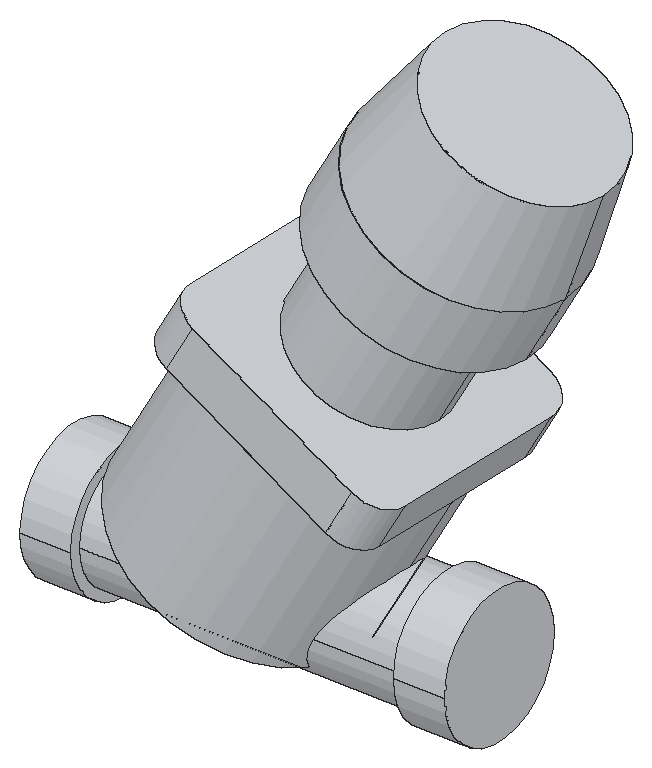
Revit family "OPTIMA_Compact_MM_DN10_2,5_RFA_2019", category Pipe Accessories, Revit 2019
Family settings
  Round Connector Dimension = Use Diameter
  Part Type = Valve - Breaks Into
  Work Plane-Based = No
  Always vertical = Yes
  Cut with Voids When Loaded = No
  Shared = No
Parameters (values of type "OPTIMA Compact DN10 M-M 2.5mm")
  magiProductId = "719160033de540c9acf49957212ec3"
  magiProductFamilyId = "78ecc78dd0e54fb5aa8a98aef7d402"
  magiPartTypeId = 304
  isMeasuringValve [instance] = no
  ang2D [instance] = 0.00°
  Z = 0 mm
  X = 7 mm
  W2D = 32 mm
  VersionID = "2.0/2018.8.28.1/FRESE_OPTIMA-COMPACT-MM_001"
  Use Minimum Symbol Size [instance] = yes
  URL = "www.hydronic.cz"
  Type Comments = "vnější závit; PN25; 0~120°C, bez měřicích vsuvek"
  R9 = 8 mm
  R8 = 14 mm
  R7 = 17 mm
  R6 = 12 mm
  R5 = 5 mm
  R4 = 19 mm
  R3 = 19 mm
  R2 = 9 mm
  R1 = 10.5 mm
  QmdConnectorList = "301;D;302;D"
  Productdata [instance] = ""
  PLG0 = no
  Manufacturer = "Hydronic Systems Prague s.r.o."
  MC Product Code = "53-1300  (1/2\" M-M; 2.5mm; Qmin-dpmin 30l/h-14.3kPa; Qmax-dpmin 200l/h-15.8kPa; dpmax 800kPa)"
  MC Piping Given Pressure Drop [instance] = 0.0 Pa
  LL = 32.5 mm
  L3 = 11 mm
  L2D_Min = 3048 mm
  L2D = 104 mm
  L2 = 49.4 mm
  L1__ve = -L1  # -7.8 mm
  L1 = 7.8 mm
  H6__ve = -H6  # -52.5 mm
  H6 = 52.5 mm
  H5 = 17 mm
  H4 = 12 mm
  H3 = 18 mm
  H2 = 8 mm
  H1 = 30 mm
  Description = "Tlakově nezávislý 2-cestný regulační vyvažovací ventil (PICV)"
  D = 10 mm
  A = 30.00°
Types (8, lengths in mm): name | magiProductId | Z | X | R4 | R3 | R2 | R1 | MC Product Code | LL | L3 | L2 | L1__ve | L1 | H6__ve | H6 | H5 | H3 | H2 | H1 | D
  OPTIMA Compact DN32 M-M 5.5mm | "9229f6b2647a4beea29cfed7a0464e" | 1 | 13 | 29 | 31.5 | 22 | 24 | "53-1314  (6/4\" M-M; 5.5mm; Qmin-dpmin 550l/h-17.9kPa; Qmax-dpmin 4001l/h-28.0kPa; dpmax 800kPa)" | 52 | 12.5 | 79.04 | -12.48 | 12.48 | -66 | 66 | 20 | 16 | 10 | 46 | 32
  OPTIMA Compact DN15 M-M 2.5mm | "cf91b4957677408aaed6de7f8e707d" | 0 | 7 | 19 | 19 | 12 | 13 | "53-1304  (3/4\" M-M; 2.5mm; Qmin-dpmin 100l/h-14.9kPa; Qmax-dpmin 575l/h-18.5kPa; dpmax 800kPa)" | 32.5 | 11 | 49.4 | -7.8 | 7.8 | -55 | 55 | 20 | 18 | 8 | 26 | 15
  OPTIMA Compact DN15 M-M 5.0mm | "3da7abe28dc3494da6d3a7ef2edb11" | 0 | 7 | 19 | 19 | 12 | 13 | "53-1305  (3/4\" M-M; 5.0mm; Qmin-dpmin 220l/h-16.0kPa; Qmax-dpmin 1330l/h-21.6kPa; dpmax 800kPa)" | 32.5 | 11 | 49.4 | -7.8 | 7.8 | -55 | 55 | 20 | 18 | 8 | 26 | 15
  OPTIMA Compact DN20 M-M 5.0mm | "dbf1ea5749af4e6bb74c096f7a23b2" | 0 | 10 | 19 | 19 | 13.5 | 16.5 | "53-1308  (1\" M-M; 5.0mm; Qmin-dpmin 220l/h-16.0kPa; Qmax-dpmin 1330l/h-21.6kPa; dpmax 800kPa)" | 35 | 11 | 53.2 | -8.4 | 8.4 | -58.5 | 58.5 | 20 | 18 | 8 | 26 | 20
  OPTIMA Compact DN20 M-M 5.5mm | "a40c776a67e54a899e920652842cb9" | 0 | 10 | 19 | 19 | 13.5 | 16.5 | "53-1311  (1\" M-M; 5.5mm; Qmin-dpmin 300l/h-17.8kPa; Qmax-dpmin 1800l/h-40.0kPa; dpmax 800kPa)" | 35 | 11 | 53.2 | -8.4 | 8.4 | -58.5 | 58.5 | 20 | 18 | 8 | 26 | 20
  OPTIMA Compact DN25 M-M 5.5mm | "c9531e40f709430d814b4200686e37" | 0 | 13 | 29 | 31.5 | 18.5 | 21 | "53-1313  (5/4\" M-M; 5.5mm; Qmin-dpmin 600l/h-17.3kPa; Qmax-dpmin 3609l/h-23.0kPa; dpmax 800kPa)" | 52 | 12.5 | 79.04 | -12.48 | 12.48 | -63 | 63 | 20 | 16 | 10 | 43 | 25
  OPTIMA Compact DN10 M-M 2.5mm | "719160033de540c9acf49957212ec3" | 0 | 7 | 19 | 19 | 9 | 10.5 | "53-1300  (1/2\" M-M; 2.5mm; Qmin-dpmin 30l/h-14.3kPa; Qmax-dpmin 200l/h-15.8kPa; dpmax 800kPa)" | 32.5 | 11 | 49.4 | -7.8 | 7.8 | -52.5 | 52.5 | 17 | 18 | 8 | 30 | 10
  OPTIMA Compact DN10 M-M 5.0mm | "5a6cfbbfc7584f5c989f475761ae24" | 0 | 7 | 19 | 19 | 9 | 10.5 | "53-1309  (1/2\" M-M; 5.0mm; Qmin-dpmin 65l/h-14.6kPa; Qmax-dpmin 370l/h-17.2kPa; dpmax 800kPa)" | 32.5 | 11 | 49.4 | -7.8 | 7.8 | -52.5 | 52.5 | 17 | 18 | 8 | 30 | 10
Reference planes
  plane 1 "Center (Front/Back)": y = 0
  plane 2 "XYPLANE": z = 0
  plane 3 "Center (Left/Right)": x = 0
  plane 4 "267": x = 11
  plane 5 "266": x = -11
  plane 6 "252": through (-607.019, 0, 448.612) normal (0.5, 0, 0.866)
  plane 7 "250": through (-615.519, 0, 433.89) normal (0.5, 0, 0.866)
  plane 8 "248": through (-621.519, 0, 423.497) normal (0.5, 0, 0.866)
  plane 9 "245": through (-630.519, 0, 407.909) normal (0.5, 0, 0.866)
  plane 10 "241": through (352.483, 0, 662.519) normal (0.866, 0, -0.5)
  plane 11 "240": through (385.392, 0, 643.519) normal (0.866, 0, -0.5)
  plane 12 "239": y = -19
  plane 13 "238": y = 19
  plane 14 "237": through (-634.519, 0, 400.981) normal (0.5, 0, 0.866)
  plane 15 "235": through (-649.519, 0, 375) normal (0.5, 0, 0.866)
  plane 16 "231": y = 0
  plane 17 "230": through (368.938, 0, 653.019) normal (0.866, 0, -0.5)
  plane 18 "211": x = -24.7
  plane 19 "204": x = 32.5
  plane 20 "203": x = -32.5
  plane 21 "202": x = 0
  plane 22 "201": z = 0
  plane 23 "200": y = 0
  plane 24 "227XY": through (-649.519, 0, 375) normal (0.5, 0, 0.866)
  plane 25 "227XZ": y = 0
  plane 26 "227YZ": through (375, 0, 649.519) normal (0.866, 0, -0.5)
Forms (mm)
  Extrusion 1, solid, visible <- "PLG0"
    sketch origin (-750, 0, 0) x (1, 0, 0) y (0, 1, 0)
      loop
        circle (761, 0) r 8
    from 0 to -52.5 <- "H6__ve"
  Extrusion 2, solid, visible <- "PLG0"
    sketch origin (-750, 0, 0) x (1, 0, 0) y (0, 1, 0)
      loop
        circle (739, 0) r 8
    from 0 to -52.5 <- "H6__ve"
  Blend 3, solid
    base sketch origin (-615.519, 0, 433.89) x (0.866025, 0, -0.5) y (0, 1, 0)
      loop
        circle (743, 0) r 17
    top sketch origin (-615.519, 0, 433.89) x (0.866025, 0, -0.5) y (0, 1, 0)
      loop
        circle (743, 0) r 14
    from 0 to 17
  Extrusion 4, solid
    sketch origin (-621.519, 0, 423.497) x (0.866025, 0, -0.5) y (0, 1, 0)
      loop
        circle (743, 0) r 17
    from 0 to 12 <- "H4"
  Extrusion 5, solid
    sketch origin (-630.519, 0, 407.909) x (0.866025, 0, -0.5) y (0, 1, 0)
      loop
        circle (743, 0) r 12
    from 0 to 18 <- "H3"
  Extrusion 6, solid
    sketch origin (-634.519, 0, 400.981) x (0.866025, 0, -0.5) y (0, 1, 0)
      loop
        arc (729, 19) -> (725.464, 17.536) -> (724, 14) r 5
        line (724, 14) -> (724, -14)
        arc (724, -14) -> (725.464, -17.536) -> (729, -19) r 5
        line (729, -19) -> (757, -19)
        arc (757, -19) -> (760.536, -17.536) -> (762, -14) r 5
        line (762, -14) -> (762, 14)
        arc (762, 14) -> (760.536, 17.536) -> (757, 19) r 5
        line (757, 19) -> (729, 19)
    from 0 to 8 <- "H2"
  Extrusion 7, solid
    sketch origin (-649.519, 0, 375) x (0.866025, 0, -0.5) y (0, 1, 0)
      loop
        circle (743, 0) r 19
    from 0 to 30 <- "H1"
  Extrusion 8, solid
    sketch origin (-24.7, -750, 0) x (0, 1, 0) y (0, 0, 1)
      loop
        circle (750, 0) r 9
    from 0 to 49.4 <- "L2"
  Extrusion 9, solid
    sketch origin (32.5, -750, 0) x (0, 1, 0) y (0, 0, 1)
      loop
        circle (750, 0) r 10.5
    from 0 to -7.8 <- "L1__ve"
  Extrusion 10, solid
    sketch origin (-32.5, -750, 0) x (0, 1, 0) y (0, 0, 1)
      loop
        circle (750, 0) r 10.5
    from 0 to 7.8 <- "L1"
  Extrusion 11, solid, not visible
    sketch origin (32.5, -750, 0) x (0, 1, 0) y (0, 0, 1)
      loop
        circle (750, 0) r 10
    from 0 to -10
  Extrusion 12, solid, not visible
    sketch origin (-32.5, -750, 0) x (0, 1, 0) y (0, 0, 1)
      loop
        circle (750, 0) r 10
    from 0 to 10
Lines and regions (mm)
  reference lines, not visible
    curve 1: circle (2, 2, 0) r 1 normal (0, 0, 1)
Dimensions and locks
  plane 1 "Center (Front/Back)" to curve 1 = 2 mm
  "L3": plane 3 "Center (Left/Right)" to plane 4 "267"
  "L3": plane 3 "Center (Left/Right)" to plane 5 "266"
  "H5": plane 7 "250" to plane 6 "252"
  "H4": plane 8 "248" to plane 7 "250"
  "H3": plane 9 "245" to plane 8 "248"
  "H2": plane 14 "237" to plane 9 "245"
  "R4": plane 17 "230" to plane 10 "241"
  "R4": plane 17 "230" to plane 11 "240"
  "R4": plane 23 "200" to plane 12 "239"
  "R4": plane 23 "200" to plane 13 "238"
  "H1": plane 15 "235" to plane 14 "237"
  "Z": plane 24 "227XY" to plane 15 "235"
  locked: plane 23 "200" to plane 16 "231"
  "X": plane 26 "227YZ" to plane 17 "230"
  "L1": plane 20 "203" to plane 18 "211"
  "LL": plane 3 "Center (Left/Right)" to plane 19 "204"
  "LL": plane 3 "Center (Left/Right)" to plane 20 "203"
  locked: plane 3 "Center (Left/Right)" to plane 21 "202"
  locked: plane 2 "XYPLANE" to plane 22 "201"
  locked: plane 1 "Center (Front/Back)" to plane 23 "200"
  Extrusion 6 sketch curve to Extrusion 6 sketch curve = 0 mm  (x16)
  "R9": radius of Extrusion 1 sketch curve
  "R9": radius of Extrusion 2 sketch curve
  "R8": radius of Blend 3 sketch curve
  "R7": radius of Blend 3 sketch curve
  "R7": radius of Extrusion 4 sketch curve
  "R6": radius of Extrusion 5 sketch curve
  "R5": radius of Extrusion 6 sketch curve  (x4)
  "R3": radius of Extrusion 7 sketch curve
  "R2": radius of Extrusion 8 sketch curve
  "R1": radius of Extrusion 9 sketch curve
  "R1": radius of Extrusion 10 sketch curve
  aligned and locked: level to plane 2 "XYPLANE"
  aligned and locked: plane 4 "267" to Extrusion 1 sketch curve
  aligned and locked: plane 23 "200" to Extrusion 1 sketch curve
  aligned and locked: plane 5 "266" to Extrusion 2 sketch curve
  aligned and locked: plane 23 "200" to Extrusion 2 sketch curve
  aligned and locked: plane 16 "231" to Blend 3 sketch curve  (x2)
  aligned and locked: Blend 3 sketch curve to plane 17 "230"  (x2)
  aligned and locked: plane 6 "252" to Blend 3
  aligned and locked: plane 16 "231" to Extrusion 4 sketch curve
  aligned and locked: Extrusion 4 sketch curve to plane 17 "230"
  aligned and locked: plane 16 "231" to Extrusion 5 sketch curve
  aligned and locked: Extrusion 5 sketch curve to plane 17 "230"
  aligned and locked: Extrusion 6 sketch curve to plane 10 "241"
  aligned and locked: Extrusion 6 sketch curve to plane 12 "239"
  aligned and locked: Extrusion 6 sketch curve to plane 11 "240"
  aligned and locked: plane 13 "238" to Extrusion 6 sketch curve
  aligned and locked: plane 16 "231" to Extrusion 7 sketch curve
  aligned and locked: Extrusion 7 sketch curve to plane 17 "230"
  aligned and locked: plane 22 "201" to Extrusion 8 sketch curve
  aligned and locked: Extrusion 8 sketch curve to plane 23 "200"
  aligned and locked: plane 22 "201" to Extrusion 9 sketch curve
  aligned and locked: Extrusion 9 sketch curve to plane 23 "200"
  aligned and locked: plane 22 "201" to Extrusion 10 sketch curve
  aligned and locked: Extrusion 10 sketch curve to plane 23 "200"
  aligned and locked: plane 22 "201" to Extrusion 11 sketch curve
  aligned and locked: Extrusion 11 sketch curve to plane 23 "200"
  aligned and locked: plane 22 "201" to Extrusion 12 sketch curve
  aligned and locked: Extrusion 12 sketch curve to plane 23 "200"
Automatic sketch dimensions
  plane 1 "Center (Front/Back)" to Extrusion 11 sketch curve = 10 mm
  plane 1 "Center (Front/Back)" to Extrusion 12 sketch curve = 10 mm
  plane 3 "Center (Left/Right)" to curve 1 = 2 mm
  radius of curve 1 = 1 mm
Connectors
  piping at (-32.5, 0, 0), diameter 10, driven by "D"
    settings: on Extrusion 12, index 1, connector inside diameter 609.6 mm, connector length 0 mm, flow factor 0, pipe flow 0.0 L/s, pressure drop 0.0 Pa, fitting loss kfactor 0, connector angle 0.00°, fixture units 0, engagement length 0 mm, angle of deflection 0.00°, flow configuration 0, flow direction 0, fitting loss method 0, system type 29, joint type 0, gender type 0, connector reference index 2, connector utility 0, adjustable connector no, is connector primary yes, connector description ""
  piping at (32.5, 0, 0), diameter 10, driven by "D"
    settings: on Extrusion 11, index 2, connector inside diameter 609.6 mm, connector length 0 mm, flow factor 0, pipe flow 0.0 L/s, pressure drop 0.0 Pa, fitting loss kfactor 0, connector angle 0.00°, fixture units 0, engagement length 0 mm, angle of deflection 0.00°, flow configuration 0, flow direction 0, fitting loss method 0, system type 29, joint type 0, gender type 0, connector reference index 1, connector utility 0, adjustable connector no, is connector primary no, connector description ""
